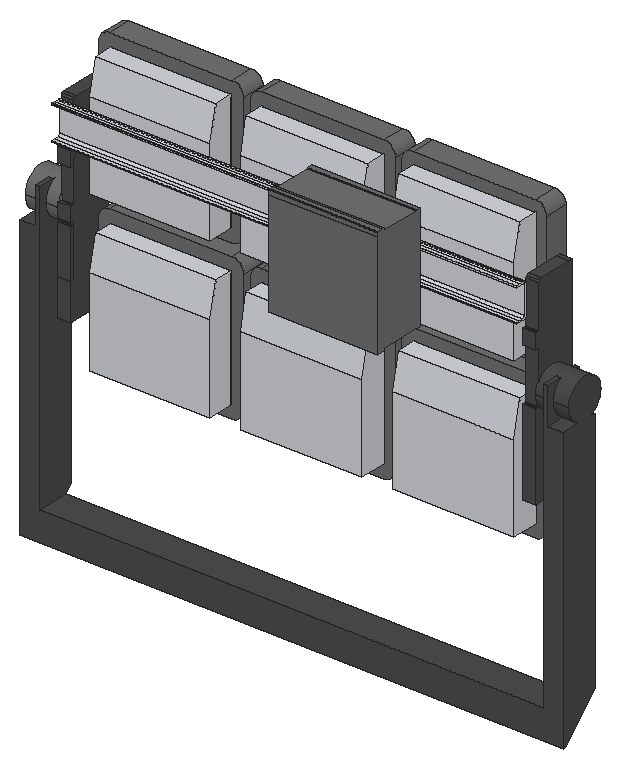
Revit family "Lighting-Floodlights-GEWISS-SMART[PRO]2.0-LED-HIGH-POWER_6MODULE_CLI", category Apparecchi per illuminazione, host Superficie, Revit 2019 (continued)
Definition of nested family "Frontale6 2D"
  Lines and regions (mm)
    model lines, in view "Livello rif."
      curve 837: line (418.862, 409.99, 0) -> (418.862, 407.193, 0)
      curve 838: line (418.862, 2.099, 0) -> (418.862, 444.587, 0)
      curve 839: line (418.862, 444.587, 0) -> (404.115, 459.76, 0)
      curve 840: line (404.115, 459.76, 0) -> (395.026, 459.76, 0)
      curve 841: line (395.026, 459.76, 0) -> (395.026, 489.919, 0)
      curve 842: line (395.026, 489.919, 0) -> (388.703, 489.919, 0)
      curve 843: line (100.604, 488.521, 0) -> (-80.963, 488.521, 0)
      curve 844: line (-80.963, 489.19, 0) -> (-80.963, 670.058, 0)
      curve 845: line (-80.963, 670.058, 0) -> (100.604, 670.058, 0)
      curve 846: line (100.604, 488.521, 0) -> (100.604, 670.058, 0)
      curve 847: line (100.604, 670.058, 0) -> (-80.963, 670.058, 0)
      curve 848: line (-80.963, 670.058, 0) -> (-80.963, 488.521, 0)
      curve 849: line (-99.9, 519.349, 0) -> (-99.9, 503.233, 0)
      curve 850: line (-99.9, 503.233, 0) -> (-99.9, 499.737, 0)
      curve 851: line (-99.9, 499.737, 0) -> (-99.9, 480.096, 0)
      curve 852: line (-99.9, 480.096, 0) -> (-99.9, 478.698, 0)
      curve 853: line (-99.9, 478.698, 0) -> (-99.206, 477.998, 0)
      curve 854: line (-99.206, 477.998, 0) -> (-99.206, 475.876, 0)
      curve 855: line (-99.206, 475.876, 0) -> (-98.477, 475.177, 0)
      curve 856: line (-97.807, 474.502, 0) -> (-97.079, 473.803, 0)
      curve 857: line (-97.079, 473.074, 0) -> (-95.68, 471.676, 0)
      curve 858: line (-94.976, 471.676, 0) -> (-94.282, 470.977, 0)
      curve 859: line (-94.282, 470.977, 0) -> (-93.578, 470.278, 0)
      curve 860: line (-93.578, 470.278, 0) -> (-90.781, 470.278, 0)
      curve 861: line (-90.781, 470.278, 0) -> (-90.082, 469.579, 0)
      curve 862: line (-89.383, 469.579, 0) -> (-69.741, 469.579, 0)
      curve 863: line (-69.741, 469.579, 0) -> (-66.25, 469.579, 0)
      curve 864: line (110.398, 469.579, 0) -> (111.092, 470.278, 0)
      curve 865: line (111.092, 470.278, 0) -> (113.219, 470.278, 0)
      curve 866: line (113.219, 470.278, 0) -> (113.923, 470.977, 0)
      curve 867: line (114.617, 470.977, 0) -> (115.321, 471.676, 0)
      curve 868: line (115.321, 471.676, 0) -> (116.72, 473.074, 0)
      curve 869: line (116.72, 473.074, 0) -> (117.414, 473.803, 0)
      curve 870: line (118.118, 475.177, 0) -> (118.817, 475.876, 0)
      curve 871: line (118.817, 475.876, 0) -> (118.817, 477.299, 0)
      curve 872: line (118.817, 477.299, 0) -> (119.517, 477.998, 0)
      curve 873: line (119.517, 477.998, 0) -> (119.517, 503.233, 0)
      curve 874: line (119.517, 541.787, 0) -> (119.517, 558.626, 0)
      curve 875: line (119.517, 558.626, 0) -> (119.517, 579.641, 0)
      curve 876: line (119.517, 636.403, 0) -> (119.517, 680.575, 0)
      curve 877: line (119.517, 680.575, 0) -> (118.817, 681.279, 0)
      curve 878: line (118.817, 681.279, 0) -> (118.817, 682.702, 0)
      curve 879: line (118.817, 682.702, 0) -> (118.118, 683.402, 0)
      curve 880: line (118.118, 684.101, 0) -> (117.414, 684.795, 0)
      curve 881: line (116.72, 685.499, 0) -> (113.923, 688.296, 0)
      curve 882: line (113.923, 688.296, 0) -> (112.525, 688.296, 0)
      curve 883: line (112.525, 688.296, 0) -> (111.821, 689, 0)
      curve 884: line (111.821, 689, 0) -> (89.383, 689, 0)
      curve 885: line (89.383, 689, 0) -> (-89.383, 689, 0)
      curve 886: line (-89.383, 689, 0) -> (-92.179, 689, 0)
      curve 887: line (-92.179, 689, 0) -> (-92.883, 688.296, 0)
      curve 888: line (-93.578, 688.296, 0) -> (-94.282, 687.602, 0)
      curve 889: line (-95.68, 686.898, 0) -> (-97.079, 685.499, 0)
      curve 890: line (-97.807, 684.795, 0) -> (-98.477, 684.101, 0)
      curve 891: line (-98.477, 683.402, 0) -> (-99.206, 682.702, 0)
      curve 892: line (-99.206, 682.702, 0) -> (-99.206, 680.575, 0)
      curve 893: line (-99.206, 680.575, 0) -> (-99.9, 679.871, 0)
      curve 894: line (-99.9, 679.177, 0) -> (-99.9, 658.841, 0)
      curve 895: line (329.115, 488.521, 0) -> (148.272, 488.521, 0)
      curve 896: line (148.272, 489.19, 0) -> (148.272, 670.088, 0)
      curve 897: line (148.272, 670.088, 0) -> (329.115, 670.088, 0)
      curve 898: line (329.115, 488.521, 0) -> (329.115, 670.088, 0)
      curve 899: line (329.115, 670.088, 0) -> (148.272, 670.088, 0)
      curve 900: line (148.272, 670.088, 0) -> (148.272, 488.521, 0)
      curve 901: line (129.335, 519.349, 0) -> (129.335, 503.233, 0)
      curve 902: line (129.335, 503.233, 0) -> (129.335, 499.737, 0)
      curve 903: line (129.335, 499.737, 0) -> (129.335, 480.096, 0)
      curve 904: line (129.335, 480.096, 0) -> (129.335, 476.575, 0)
      curve 905: line (129.335, 476.575, 0) -> (130.029, 475.876, 0)
      curve 906: line (130.029, 475.177, 0) -> (132.131, 473.074, 0)
      curve 907: line (132.131, 472.375, 0) -> (132.836, 471.676, 0)
      curve 908: line (133.53, 471.676, 0) -> (134.259, 470.977, 0)
      curve 909: line (134.928, 470.977, 0) -> (135.627, 470.278, 0)
      curve 910: line (135.627, 470.278, 0) -> (137.76, 470.278, 0)
      curve 911: line (137.76, 470.278, 0) -> (138.454, 469.579, 0)
      curve 912: line (139.158, 469.579, 0) -> (158.764, 469.579, 0)
      curve 913: line (158.764, 469.579, 0) -> (162.994, 469.579, 0)
      curve 914: line (338.938, 469.579, 0) -> (339.657, 470.278, 0)
      curve 915: line (339.657, 470.278, 0) -> (341.73, 470.278, 0)
      curve 916: line (341.73, 470.278, 0) -> (342.429, 470.977, 0)
      curve 917: line (343.158, 470.977, 0) -> (343.827, 471.676, 0)
      curve 918: line (344.556, 471.676, 0) -> (345.231, 472.375, 0)
      curve 919: line (345.231, 473.074, 0) -> (347.353, 475.177, 0)
      curve 920: line (347.353, 475.876, 0) -> (348.052, 476.575, 0)
      curve 921: line (348.052, 476.575, 0) -> (348.052, 499.737, 0)
      curve 922: line (348.052, 539.689, 0) -> (348.052, 558.626, 0)
      curve 923: line (348.052, 558.626, 0) -> (348.052, 579.641, 0)
      curve 924: line (348.052, 639.225, 0) -> (348.052, 681.974, 0)
      curve 925: line (348.052, 681.974, 0) -> (347.353, 682.702, 0)
      curve 926: line (347.353, 683.402, 0) -> (346.654, 684.101, 0)
      curve 927: line (346.654, 684.795, 0) -> (345.955, 685.499, 0)
      curve 928: line (345.231, 686.193, 0) -> (344.556, 686.898, 0)
      curve 929: line (343.827, 686.898, 0) -> (342.429, 688.296, 0)
      curve 930: line (342.429, 688.296, 0) -> (341.031, 688.296, 0)
      curve 931: line (341.031, 688.296, 0) -> (340.331, 689, 0)
      curve 932: line (340.331, 689, 0) -> (318.617, 689, 0)
      curve 933: line (318.617, 689, 0) -> (139.158, 689, 0)
      curve 934: line (139.158, 689, 0) -> (137.055, 689, 0)
      curve 935: line (137.055, 689, 0) -> (136.331, 688.296, 0)
      curve 936: line (135.627, 688.296, 0) -> (134.928, 687.602, 0)
      curve 937: line (134.259, 687.602, 0) -> (133.53, 686.898, 0)
      curve 938: line (132.836, 686.898, 0) -> (132.131, 686.193, 0)
      curve 939: line (131.437, 685.499, 0) -> (130.733, 684.795, 0)
      curve 940: line (130.733, 684.101, 0) -> (130.029, 683.402, 0)
      curve 941: line (130.029, 682.702, 0) -> (129.335, 681.974, 0)
      curve 942: line (129.335, 681.974, 0) -> (129.335, 679.177, 0)
      curve 943: line (129.335, 679.177, 0) -> (129.335, 658.841, 0)
      curve 944: line (-128.636, 429.507, 0) -> (-309.503, 429.507, 0)
      curve 945: line (-309.503, 428.807, 0) -> (-309.503, 247.94, 0)
      curve 946: line (-309.503, 247.94, 0) -> (-128.636, 247.94, 0)
      curve 947: line (-128.636, 247.94, 0) -> (-309.503, 247.94, 0)
      curve 948: line (-309.503, 247.94, 0) -> (-309.503, 429.507, 0)
      curve 949: line (119.517, 312.425, 0) -> (129.335, 312.425, 0)
      curve 950: line (-109.723, 312.425, 0) -> (-99.9, 312.425, 0)
      curve 951: line (119.517, 364.32, 0) -> (129.335, 364.32, 0)
      curve 952: line (-109.723, 364.32, 0) -> (-99.9, 364.32, 0)
      curve 953: line (-328.44, 278.071, 0) -> (-328.44, 262.655, 0)
      curve 954: line (-328.44, 262.655, 0) -> (-328.44, 259.158, 0)
      curve 955: line (-328.44, 259.158, 0) -> (-328.44, 238.82, 0)
      curve 956: line (-328.44, 238.82, 0) -> (-328.44, 236.721, 0)
      curve 957: line (-328.44, 236.721, 0) -> (-327.712, 236.021, 0)
      curve 958: line (-327.712, 236.021, 0) -> (-327.712, 234.623, 0)
      curve 959: line (-327.712, 234.623, 0) -> (-327.017, 233.923, 0)
      curve 960: line (-327.017, 233.224, 0) -> (-326.313, 232.524, 0)
      curve 961: line (-325.619, 232.524, 0) -> (-324.915, 231.825, 0)
      curve 962: line (-324.221, 231.125, 0) -> (-322.812, 229.727, 0)
      curve 963: line (-322.812, 229.727, 0) -> (-321.414, 229.727, 0)
      curve 964: line (-321.414, 229.727, 0) -> (-320.72, 229, 0)
      curve 965: line (-320.72, 229, 0) -> (-318.617, 229, 0)
      curve 966: line (-318.617, 229, 0) -> (-298.282, 229, 0)
      curve 967: line (-298.282, 229, 0) -> (-279.369, 229, 0)
      curve 968: line (-119.541, 229, 0) -> (-117.414, 229, 0)
      curve 969: line (-117.414, 229, 0) -> (-116.72, 229.727, 0)
      curve 970: line (-116.72, 229.727, 0) -> (-115.321, 229.727, 0)
      curve 971: line (-115.321, 229.727, 0) -> (-113.913, 231.125, 0)
      curve 972: line (-113.219, 231.125, 0) -> (-111.121, 233.224, 0)
      curve 973: line (-111.121, 233.923, 0) -> (-110.422, 234.623, 0)
      curve 974: line (-110.422, 235.322, 0) -> (-109.723, 236.021, 0)
      curve 975: line (-109.723, 236.021, 0) -> (-109.723, 259.158, 0)
      curve 976: line (-109.723, 298.409, 0) -> (-109.723, 317.348, 0)
      curve 977: line (-109.723, 317.348, 0) -> (-109.723, 338.386, 0)
      curve 978: line (-109.723, 440.024, 0) -> (-109.723, 441.422, 0)
      curve 979: line (-109.723, 441.422, 0) -> (-110.422, 442.121, 0)
      curve 980: line (-110.422, 442.821, 0) -> (-111.121, 443.52, 0)
      curve 981: line (-111.121, 443.52, 0) -> (-111.821, 444.219, 0)
      curve 982: line (-111.821, 444.918, 0) -> (-113.219, 446.346, 0)
      curve 983: line (-113.913, 446.346, 0) -> (-114.617, 447.021, 0)
      curve 984: line (-115.321, 447.021, 0) -> (-116.016, 447.745, 0)
      curve 985: line (-116.016, 447.745, 0) -> (-118.118, 447.745, 0)
      curve 986: line (-118.118, 447.745, 0) -> (-118.812, 448.444, 0)
      curve 987: line (-118.812, 448.444, 0) -> (-139.148, 448.444, 0)
      curve 988: line (-139.148, 448.444, 0) -> (-318.617, 448.444, 0)
      curve 989: line (-319.321, 448.444, 0) -> (-320.016, 447.745, 0)
      curve 990: line (-320.016, 447.745, 0) -> (-322.118, 447.745, 0)
      curve 991: line (-322.118, 447.745, 0) -> (-322.812, 447.021, 0)
      curve 992: line (-323.517, 447.021, 0) -> (-324.221, 446.346, 0)
      curve 993: line (-324.915, 446.346, 0) -> (-325.619, 445.617, 0)
      curve 994: line (-325.619, 444.918, 0) -> (-327.017, 443.52, 0)
      curve 995: line (-327.712, 442.821, 0) -> (-327.712, 441.422, 0)
      curve 996: line (-327.712, 441.422, 0) -> (-328.44, 440.723, 0)
      curve 997: line (-328.44, 440.723, 0) -> (-328.44, 437.897, 0)
      curve 998: line (-328.44, 437.897, 0) -> (-328.44, 418.285, 0)
      curve 999: line (-128.636, 247.94, 0) -> (-128.636, 429.507, 0)
      curve 1000: line (100.604, 429.507, 0) -> (-80.963, 429.507, 0)
      curve 1001: line (-80.963, 428.807, 0) -> (-80.963, 247.94, 0)
      curve 1002: line (-80.963, 247.94, 0) -> (100.604, 247.94, 0)
      curve 1003: line (100.604, 247.94, 0) -> (-80.963, 247.94, 0)
      curve 1004: line (-80.963, 247.94, 0) -> (-80.963, 429.507, 0)
      curve 1005: line (-99.9, 278.071, 0) -> (-99.9, 262.655, 0)
      curve 1006: line (-99.9, 262.655, 0) -> (-99.9, 259.158, 0)
      curve 1007: line (-99.9, 259.158, 0) -> (-99.9, 238.82, 0)
      curve 1008: line (-99.9, 238.12, 0) -> (-99.206, 237.421, 0)
      curve 1009: line (-99.206, 237.421, 0) -> (-99.206, 235.322, 0)
      curve 1010: line (-99.206, 235.322, 0) -> (-98.477, 234.623, 0)
      curve 1011: line (-98.477, 233.923, 0) -> (-97.807, 233.224, 0)
      curve 1012: line (-97.807, 233.224, 0) -> (-95.68, 231.125, 0)
      curve 1013: line (-94.976, 231.125, 0) -> (-94.282, 230.426, 0)
      curve 1014: line (-94.282, 229.727, 0) -> (-92.883, 229.727, 0)
      curve 1015: line (-92.883, 229.727, 0) -> (-92.179, 229, 0)
      curve 1016: line (-92.179, 229, 0) -> (-89.383, 229, 0)
      curve 1017: line (-89.383, 229, 0) -> (-69.741, 229, 0)
      curve 1018: line (-69.741, 229, 0) -> (-66.25, 229, 0)
      curve 1019: line (110.398, 229, 0) -> (111.821, 229, 0)
      curve 1020: line (111.821, 229, 0) -> (112.525, 229.727, 0)
      curve 1021: line (112.525, 229.727, 0) -> (113.923, 229.727, 0)
      curve 1022: line (113.923, 229.727, 0) -> (116.72, 232.524, 0)
      curve 1023: line (117.414, 233.224, 0) -> (118.118, 233.923, 0)
      curve 1024: line (118.118, 234.623, 0) -> (118.817, 235.322, 0)
      curve 1025: line (118.817, 235.322, 0) -> (118.817, 236.721, 0)
      curve 1026: line (118.817, 236.721, 0) -> (119.517, 237.421, 0)
      curve 1027: line (119.517, 237.421, 0) -> (119.517, 262.655, 0)
      curve 1028: line (119.517, 299.108, 0) -> (119.517, 317.348, 0)
      curve 1029: line (119.517, 317.348, 0) -> (119.517, 338.386, 0)
      curve 1030: line (119.517, 395.148, 0) -> (119.517, 440.024, 0)
      curve 1031: line (119.517, 440.024, 0) -> (118.817, 440.723, 0)
      curve 1032: line (118.817, 440.723, 0) -> (118.817, 442.121, 0)
      curve 1033: line (118.817, 442.121, 0) -> (118.118, 442.821, 0)
      curve 1034: line (117.414, 444.219, 0) -> (116.72, 444.918, 0)
      curve 1035: line (116.72, 444.918, 0) -> (114.617, 447.021, 0)
      curve 1036: line (113.923, 447.021, 0) -> (113.219, 447.745, 0)
      curve 1037: line (113.219, 447.745, 0) -> (111.092, 447.745, 0)
      curve 1038: line (111.092, 447.745, 0) -> (110.398, 448.444, 0)
      curve 1039: line (110.398, 448.444, 0) -> (89.383, 448.444, 0)
      curve 1040: line (89.383, 448.444, 0) -> (-89.383, 448.444, 0)
      curve 1041: line (-90.082, 448.444, 0) -> (-91.485, 447.745, 0)
      curve 1042: line (-91.485, 447.745, 0) -> (-93.578, 447.745, 0)
      curve 1043: line (-93.578, 447.745, 0) -> (-94.282, 447.021, 0)
      curve 1044: line (-95.68, 446.346, 0) -> (-97.807, 444.219, 0)
      curve 1045: line (-97.807, 443.52, 0) -> (-98.477, 442.821, 0)
      curve 1046: line (-98.477, 442.821, 0) -> (-99.206, 442.121, 0)
      curve 1047: line (-99.206, 442.121, 0) -> (-99.206, 439.325, 0)
      curve 1048: line (-99.206, 439.325, 0) -> (-99.9, 438.626, 0)
      curve 1049: line (-99.9, 437.897, 0) -> (-99.9, 418.285, 0)
      curve 1050: line (100.604, 247.94, 0) -> (100.604, 429.507, 0)
      curve 1051: line (329.115, 429.507, 0) -> (148.272, 429.507, 0)
      curve 1052: line (148.272, 428.807, 0) -> (148.272, 247.94, 0)
      curve 1053: line (148.272, 247.94, 0) -> (329.115, 247.94, 0)
      curve 1054: line (329.115, 247.94, 0) -> (148.272, 247.94, 0)
      curve 1055: line (148.272, 247.94, 0) -> (148.272, 429.507, 0)
      curve 1056: line (129.335, 278.071, 0) -> (129.335, 262.655, 0)
      curve 1057: line (129.335, 262.655, 0) -> (129.335, 259.158, 0)
      curve 1058: line (129.335, 259.158, 0) -> (129.335, 238.82, 0)
      curve 1059: line (129.335, 238.82, 0) -> (129.335, 236.021, 0)
      curve 1060: line (129.335, 236.021, 0) -> (130.029, 235.322, 0)
      curve 1061: line (130.029, 234.623, 0) -> (130.733, 233.923, 0)
      curve 1062: line (130.733, 233.224, 0) -> (131.437, 232.524, 0)
      curve 1063: line (132.131, 231.825, 0) -> (132.836, 231.125, 0)
      curve 1064: line (133.53, 231.125, 0) -> (134.259, 230.426, 0)
      curve 1065: line (134.259, 230.426, 0) -> (134.928, 229.727, 0)
      curve 1066: line (134.928, 229.727, 0) -> (136.331, 229.727, 0)
      curve 1067: line (136.331, 229.727, 0) -> (137.055, 229, 0)
      curve 1068: line (137.055, 229, 0) -> (139.158, 229, 0)
      curve 1069: line (139.158, 229, 0) -> (158.764, 229, 0)
      curve 1070: line (158.764, 229, 0) -> (162.26, 229, 0)
      curve 1071: line (338.234, 229, 0) -> (340.331, 229, 0)
      curve 1072: line (340.331, 229, 0) -> (341.031, 229.727, 0)
      curve 1073: line (341.031, 229.727, 0) -> (342.429, 229.727, 0)
      curve 1074: line (342.429, 229.727, 0) -> (343.827, 231.125, 0)
      curve 1075: line (344.556, 231.125, 0) -> (345.231, 231.825, 0)
      curve 1076: line (345.955, 232.524, 0) -> (346.654, 233.224, 0)
      curve 1077: line (346.654, 233.923, 0) -> (347.353, 234.623, 0)
      curve 1078: line (347.353, 235.322, 0) -> (348.052, 236.021, 0)
      curve 1079: line (348.052, 236.021, 0) -> (348.052, 259.158, 0)
      curve 1080: line (348.052, 299.108, 0) -> (348.052, 317.348, 0)
      curve 1081: line (348.052, 317.348, 0) -> (348.052, 338.386, 0)
      curve 1082: line (348.052, 440.024, 0) -> (348.052, 441.422, 0)
      curve 1083: line (348.052, 441.422, 0) -> (347.353, 442.121, 0)
      curve 1084: line (347.353, 442.821, 0) -> (346.654, 443.52, 0)
      curve 1085: line (346.654, 443.52, 0) -> (345.231, 444.918, 0)
      curve 1086: line (345.231, 445.617, 0) -> (344.556, 446.346, 0)
      curve 1087: line (343.827, 446.346, 0) -> (343.158, 447.021, 0)
      curve 1088: line (342.429, 447.021, 0) -> (341.73, 447.745, 0)
      curve 1089: line (341.73, 447.745, 0) -> (339.657, 447.745, 0)
      curve 1090: line (339.657, 447.745, 0) -> (338.938, 448.444, 0)
      curve 1091: line (338.938, 448.444, 0) -> (318.617, 448.444, 0)
      curve 1092: line (318.617, 448.444, 0) -> (139.158, 448.444, 0)
      curve 1093: line (138.454, 448.444, 0) -> (137.76, 447.745, 0)
      curve 1094: line (137.76, 447.745, 0) -> (135.627, 447.745, 0)
      curve 1095: line (135.627, 447.745, 0) -> (134.928, 447.021, 0)
      curve 1096: line (134.259, 447.021, 0) -> (133.53, 446.346, 0)
      curve 1097: line (132.836, 446.346, 0) -> (132.131, 445.617, 0)
      curve 1098: line (132.131, 444.918, 0) -> (130.733, 443.52, 0)
      curve 1099: line (130.029, 442.121, 0) -> (129.335, 441.422, 0)
      curve 1100: line (129.335, 441.422, 0) -> (129.335, 437.897, 0)
      curve 1101: line (129.335, 437.897, 0) -> (129.335, 418.285, 0)
      curve 1102: line (329.115, 247.94, 0) -> (329.115, 429.507, 0)
      curve 1103: line (-369.087, 51.169, 0) -> (388.351, 51.169, 0)
    detail lines, in view "Livello rif.", not visible
      curve 4: line (70.78, 658.841, 0) -> (70.78, 519.349, 0)
      curve 5: line (119.851, 469.579, 0) -> (279.679, 469.579, 0)
      curve 6: line (289.498, 499.737, 0) -> (289.498, 539.689, 0)
      curve 7: line (289.498, 579.641, 0) -> (289.498, 679.871, 0)
      curve 8: line (299.321, 658.841, 0) -> (299.321, 519.349, 0)
      curve 9: line (332.97, 469.579, 0) -> (509.618, 469.579, 0)
      curve 10: line (518.737, 503.233, 0) -> (518.737, 541.787, 0)
      curve 11: line (518.737, 579.641, 0) -> (518.737, 636.403, 0)
      curve 12: line (528.555, 658.841, 0) -> (528.555, 519.349, 0)
      curve 13: line (562.215, 469.579, 0) -> (737.455, 469.579, 0)
      curve 14: line (747.273, 499.737, 0) -> (747.273, 539.689, 0)
      curve 15: line (747.273, 579.641, 0) -> (747.273, 639.225, 0)
      curve 16: line (70.78, 418.285, 0) -> (70.78, 278.071, 0)
      curve 17: line (119.851, 229, 0) -> (279.679, 229, 0)
      curve 18: line (289.498, 259.158, 0) -> (289.498, 298.409, 0)
      curve 19: line (289.498, 338.386, 0) -> (289.498, 440.024, 0)
      curve 20: line (299.321, 418.285, 0) -> (299.321, 278.071, 0)
      curve 21: line (332.97, 229, 0) -> (509.618, 229, 0)
      curve 22: line (518.737, 262.655, 0) -> (518.737, 299.108, 0)
      curve 23: line (518.737, 338.386, 0) -> (518.737, 395.148, 0)
      curve 24: line (528.555, 418.285, 0) -> (528.555, 278.071, 0)
      curve 25: line (561.481, 229, 0) -> (737.455, 229, 0)
      curve 26: line (747.273, 259.158, 0) -> (747.273, 299.108, 0)
      curve 27: line (747.273, 338.386, 0) -> (747.273, 440.024, 0)
      curve 28: line (270.585, 489.19, 0) -> (270.585, 488.521, 0)
      curve 29: line (270.585, 488.521, 0) -> (89.717, 488.521, 0)
      curve 30: line (89.717, 488.521, 0) -> (89.717, 489.19, 0)
      curve 31: line (89.717, 489.19, 0) -> (89.717, 670.088, 0)
      curve 32: line (89.717, 670.088, 0) -> (270.585, 670.088, 0)
      curve 33: line (270.585, 670.088, 0) -> (271.284, 670.088, 0)
      curve 34: line (270.585, 488.521, 0) -> (270.585, 670.088, 0)
      curve 35: line (270.585, 670.088, 0) -> (89.717, 670.088, 0)
      curve 36: line (89.717, 670.088, 0) -> (89.717, 488.521, 0)
      curve 37: line (70.78, 314.648, 0) -> (60.987, 314.648, 0)
      curve 38: line (60.987, 314.648, 0) -> (60.987, 318.844, 0)
      curve 39: line (60.987, 318.844, 0) -> (60.987, 320.97, 0)
      curve 40: line (60.987, 320.97, 0) -> (58.165, 320.97, 0)
      curve 41: line (70.78, 366.542, 0) -> (60.987, 366.542, 0)
      curve 42: line (60.987, 366.542, 0) -> (60.987, 362.347, 0)
      curve 43: line (60.987, 362.347, 0) -> (60.987, 360.919, 0)
      curve 44: line (60.987, 360.919, 0) -> (58.165, 360.919, 0)
      curve 45: line (518.737, 553.702, 0) -> (528.555, 553.702, 0)
      curve 46: line (289.498, 553.702, 0) -> (299.321, 553.702, 0)
      curve 47: line (70.78, 553.702, 0) -> (60.987, 553.702, 0)
      curve 48: line (60.987, 553.702, 0) -> (60.987, 557.203, 0)
      curve 49: line (60.987, 557.203, 0) -> (60.987, 559.331, 0)
      curve 50: line (60.987, 559.331, 0) -> (58.165, 559.331, 0)
      curve 51: line (518.737, 604.871, 0) -> (528.555, 604.871, 0)
      curve 52: line (289.498, 604.871, 0) -> (299.321, 604.871, 0)
      curve 53: line (70.78, 604.871, 0) -> (60.987, 604.871, 0)
      curve 54: line (60.987, 604.871, 0) -> (60.987, 601.375, 0)
      curve 55: line (60.987, 601.375, 0) -> (60.987, 599.273, 0)
      curve 56: line (60.987, 599.273, 0) -> (58.165, 599.273, 0)
      curve 57: line (58.165, 330.789, 0) -> (63.089, 330.789, 0)
      curve 58: line (63.089, 330.789, 0) -> (63.089, 335.684, 0)
      curve 59: line (52.572, 609.066, 0) -> (47.673, 609.066, 0)
      curve 60: line (47.673, 609.066, 0) -> (47.673, 311.15, 0)
      curve 61: line (47.673, 311.15, 0) -> (52.572, 311.15, 0)
      curve 62: line (52.572, 311.15, 0) -> (55.369, 311.15, 0)
      curve 63: line (55.369, 311.15, 0) -> (55.369, 311.849, 0)
      curve 64: line (55.369, 311.849, 0) -> (56.063, 312.549, 0)
      curve 65: line (56.063, 312.549, 0) -> (56.767, 312.549, 0)
      curve 66: line (56.767, 312.549, 0) -> (57.466, 313.249, 0)
      curve 67: line (57.466, 313.249, 0) -> (57.466, 314.648, 0)
      curve 68: line (57.466, 314.648, 0) -> (58.165, 315.347, 0)
      curve 69: line (58.165, 315.347, 0) -> (58.165, 316.073, 0)
      curve 70: line (58.165, 316.073, 0) -> (58.165, 604.172, 0)
      curve 71: line (58.165, 604.172, 0) -> (58.165, 604.871, 0)
      curve 72: line (58.165, 604.871, 0) -> (57.466, 605.57, 0)
      curve 73: line (57.466, 605.57, 0) -> (57.466, 606.269, 0)
      curve 74: line (57.466, 606.269, 0) -> (56.767, 606.974, 0)
      curve 75: line (56.767, 606.974, 0) -> (56.767, 607.668, 0)
      curve 76: line (56.767, 607.668, 0) -> (56.063, 608.372, 0)
      curve 77: line (56.063, 608.372, 0) -> (55.369, 608.372, 0)
      curve 78: line (55.369, 608.372, 0) -> (54.664, 609.066, 0)
      curve 79: line (54.664, 609.066, 0) -> (52.572, 609.066, 0)
      curve 80: line (58.165, 380.56, 0) -> (58.894, 380.56, 0)
      curve 81: line (58.894, 380.56, 0) -> (60.293, 380.56, 0)
      curve 82: line (60.293, 380.56, 0) -> (60.957, 381.26, 0)
      curve 83: line (60.957, 381.26, 0) -> (61.691, 381.26, 0)
      curve 84: line (61.691, 381.26, 0) -> (63.788, 383.357, 0)
      curve 85: line (63.788, 383.357, 0) -> (63.788, 385.455, 0)
      curve 86: line (63.788, 385.455, 0) -> (63.788, 534.765, 0)
      curve 87: line (63.788, 534.765, 0) -> (63.788, 536.188, 0)
      curve 88: line (63.788, 536.188, 0) -> (63.089, 536.893, 0)
      curve 89: line (63.089, 536.893, 0) -> (63.089, 537.557, 0)
      curve 90: line (63.089, 537.557, 0) -> (62.385, 538.261, 0)
      curve 91: line (62.385, 538.261, 0) -> (61.691, 538.261, 0)
      curve 92: line (61.691, 538.261, 0) -> (61.691, 538.985, 0)
      curve 93: line (61.691, 538.985, 0) -> (60.957, 538.985, 0)
      curve 94: line (60.957, 538.985, 0) -> (60.293, 539.689, 0)
      curve 95: line (60.293, 539.689, 0) -> (58.894, 539.689, 0)
      curve 96: line (58.894, 539.689, 0) -> (58.165, 539.689, 0)
      curve 97: line (58.165, 470.977, 0) -> (63.089, 470.977, 0)
      curve 98: line (63.089, 470.977, 0) -> (63.089, 465.383, 0)
      curve 99: line (63.089, 465.383, 0) -> (63.089, 454.866, 0)
      curve 100: line (63.089, 454.866, 0) -> (63.089, 449.243, 0)
      curve 101: line (63.089, 449.243, 0) -> (58.165, 449.243, 0)
      curve 102: line (47.673, 421.906, 0) -> (47.673, 417.711, 0)
      curve 103: line (47.673, 417.711, 0) -> (47.673, 502.534, 0)
      curve 104: line (47.673, 502.534, 0) -> (39.952, 502.534, 0)
      curve 105: line (39.952, 502.534, 0) -> (31.532, 502.534, 0)
      curve 106: line (31.532, 502.534, 0) -> (30.828, 501.81, 0)
      curve 107: line (30.828, 501.81, 0) -> (30.828, 418.41, 0)
      curve 108: line (30.828, 418.41, 0) -> (31.532, 417.711, 0)
      curve 109: line (31.532, 417.711, 0) -> (47.673, 417.711, 0)
      curve 110: line (30.828, 490.618, 0) -> (30.134, 489.919, 0)
      curve 111: line (30.134, 489.919, 0) -> (30.134, 429.626, 0)
      curve 112: line (30.134, 429.626, 0) -> (30.134, 0, 0)
      curve 113: line (0, 137.391, 0) -> (0, 389.066, 0)
      curve 114: line (0, 409.99, 0) -> (0, 407.193, 0)
      curve 115: line (818.083, 389.066, 0) -> (818.083, 0, 0)
      curve 116: line (818.083, 0, 0) -> (787.924, 0, 0)
      curve 117: line (787.924, 0, 0) -> (0, 0, 0)
      curve 118: line (0, 0, 0) -> (0, 444.532, 0)
      curve 119: line (0, 444.532, 0) -> (15.417, 459.76, 0)
      curve 120: line (15.417, 459.76, 0) -> (23.836, 459.76, 0)
      curve 121: line (23.836, 459.76, 0) -> (23.836, 489.919, 0)
      curve 122: line (23.836, 489.919, 0) -> (30.134, 489.919, 0)
      curve 123: line (787.924, 73.014, 0) -> (30.134, 73.014, 0)
      curve 124: line (70.78, 519.349, 0) -> (70.78, 503.233, 0)
      curve 125: line (70.78, 503.233, 0) -> (70.78, 499.737, 0)
      curve 126: line (70.78, 499.737, 0) -> (70.78, 480.096, 0)
      curve 127: line (70.78, 480.096, 0) -> (70.78, 477.299, 0)
      curve 128: line (70.78, 477.299, 0) -> (71.509, 476.575, 0)
      curve 129: line (71.509, 476.575, 0) -> (71.509, 475.177, 0)
      curve 130: line (71.509, 475.177, 0) -> (74.306, 472.375, 0)
      curve 131: line (74.306, 472.375, 0) -> (74.306, 471.676, 0)
      curve 132: line (74.306, 471.676, 0) -> (75, 471.676, 0)
      curve 133: line (75, 471.676, 0) -> (75.704, 470.977, 0)
      curve 134: line (75.704, 470.977, 0) -> (76.408, 470.977, 0)
      curve 135: line (76.408, 470.977, 0) -> (77.102, 470.278, 0)
      curve 136: line (77.102, 470.278, 0) -> (79.205, 470.278, 0)
      curve 137: line (79.205, 470.278, 0) -> (79.899, 469.579, 0)
      curve 138: line (79.899, 469.579, 0) -> (80.603, 469.579, 0)
      curve 139: line (80.603, 469.579, 0) -> (100.939, 469.579, 0)
      curve 140: line (100.939, 469.579, 0) -> (119.851, 469.579, 0)
      curve 141: line (279.679, 469.579, 0) -> (280.408, 469.579, 0)
      curve 142: line (280.408, 469.579, 0) -> (281.102, 470.278, 0)
      curve 143: line (281.102, 470.278, 0) -> (283.205, 470.278, 0)
      curve 144: line (283.205, 470.278, 0) -> (283.899, 470.977, 0)
      curve 145: line (283.899, 470.977, 0) -> (284.603, 470.977, 0)
      curve 146: line (284.603, 470.977, 0) -> (285.307, 471.676, 0)
      curve 147: line (285.307, 471.676, 0) -> (286.002, 471.676, 0)
      curve 148: line (286.002, 471.676, 0) -> (287.4, 473.074, 0)
      curve 149: line (287.4, 473.074, 0) -> (287.4, 473.803, 0)
      curve 150: line (287.4, 473.803, 0) -> (288.798, 475.177, 0)
      curve 151: line (288.798, 475.177, 0) -> (288.798, 475.876, 0)
      curve 152: line (288.798, 475.876, 0) -> (289.498, 476.575, 0)
      curve 153: line (289.498, 476.575, 0) -> (289.498, 499.737, 0)
      curve 154: line (289.498, 539.689, 0) -> (289.498, 558.626, 0)
      curve 155: line (289.498, 558.626, 0) -> (289.498, 579.641, 0)
      curve 156: line (289.498, 561.393, 0) -> (290.202, 561.393, 0)
      curve 157: line (289.498, 679.871, 0) -> (289.498, 681.974, 0)
      curve 158: line (289.498, 681.974, 0) -> (288.798, 682.702, 0)
      curve 159: line (288.798, 682.702, 0) -> (288.798, 683.402, 0)
      curve 160: line (288.798, 683.402, 0) -> (288.099, 684.101, 0)
      curve 161: line (288.099, 684.101, 0) -> (288.099, 684.795, 0)
      curve 162: line (288.099, 684.795, 0) -> (286.002, 686.898, 0)
      curve 163: line (286.002, 686.898, 0) -> (285.307, 686.898, 0)
      curve 164: line (285.307, 686.898, 0) -> (283.899, 688.296, 0)
      curve 165: line (283.899, 688.296, 0) -> (282.501, 688.296, 0)
      curve 166: line (282.501, 688.296, 0) -> (281.807, 689, 0)
      curve 167: line (281.807, 689, 0) -> (260.073, 689, 0)
      curve 168: line (260.073, 689, 0) -> (80.603, 689, 0)
      curve 169: line (80.603, 689, 0) -> (78.501, 689, 0)
      curve 170: line (78.501, 689, 0) -> (77.807, 688.296, 0)
      curve 171: line (77.807, 688.296, 0) -> (77.102, 688.296, 0)
      curve 172: line (77.102, 688.296, 0) -> (76.408, 687.602, 0)
      curve 173: line (76.408, 687.602, 0) -> (75.704, 687.602, 0)
      curve 174: line (75.704, 687.602, 0) -> (75, 686.898, 0)
      curve 175: line (75, 686.898, 0) -> (74.306, 686.898, 0)
      curve 176: line (74.306, 686.898, 0) -> (73.602, 686.193, 0)
      curve 177: line (73.602, 686.193, 0) -> (73.602, 685.499, 0)
      curve 178: line (73.602, 685.499, 0) -> (72.907, 685.499, 0)
      curve 179: line (72.907, 685.499, 0) -> (72.203, 684.795, 0)
      curve 180: line (72.203, 684.795, 0) -> (72.203, 684.101, 0)
      curve 181: line (72.203, 684.101, 0) -> (71.509, 683.402, 0)
      curve 182: line (71.509, 683.402, 0) -> (71.509, 681.974, 0)
      curve 183: line (71.509, 681.974, 0) -> (70.78, 681.279, 0)
      curve 184: line (70.78, 681.279, 0) -> (70.78, 679.177, 0)
      curve 185: line (70.78, 679.177, 0) -> (70.78, 658.841, 0)
      curve 186: line (63.089, 345.502, 0) -> (65.187, 345.502, 0)
      curve 187: line (65.187, 345.502, 0) -> (65.187, 335.684, 0)
      curve 188: line (65.187, 335.684, 0) -> (63.089, 335.684, 0)
      curve 189: line (63.089, 335.684, 0) -> (63.089, 350.402, 0)
      curve 190: line (63.089, 350.402, 0) -> (58.165, 350.402, 0)
      curve 191: line (47.673, 348.304, 0) -> (39.253, 348.304, 0)
      curve 192: line (39.253, 348.304, 0) -> (39.253, 332.888, 0)
      curve 193: line (39.253, 332.888, 0) -> (47.673, 332.888, 0)
      curve 194: line (47.673, 345.502, 0) -> (43.448, 345.502, 0)
      curve 195: line (43.448, 345.502, 0) -> (42.749, 345.502, 0)
      curve 196: line (42.749, 345.502, 0) -> (42.749, 344.803, 0)
      curve 197: line (42.749, 344.803, 0) -> (42.749, 336.383, 0)
      curve 198: line (42.749, 336.383, 0) -> (43.448, 335.684, 0)
      curve 199: line (43.448, 335.684, 0) -> (47.673, 335.684, 0)
      curve 200: line (747.273, 314.648, 0) -> (757.066, 314.648, 0)
      curve 201: line (757.066, 314.648, 0) -> (757.066, 318.844, 0)
      curve 202: line (757.066, 318.844, 0) -> (757.066, 320.97, 0)
      curve 203: line (757.066, 320.97, 0) -> (760.587, 320.97, 0)
      curve 204: line (760.587, 360.919, 0) -> (757.066, 360.919, 0)
      curve 205: line (757.066, 360.919, 0) -> (757.066, 362.347, 0)
      curve 206: line (757.066, 362.347, 0) -> (757.066, 366.542, 0)
      curve 207: line (757.066, 366.542, 0) -> (747.273, 366.542, 0)
      curve 208: line (747.273, 553.702, 0) -> (757.066, 553.702, 0)
      curve 209: line (757.066, 553.702, 0) -> (757.066, 557.203, 0)
      curve 210: line (757.066, 557.203, 0) -> (757.066, 559.331, 0)
      curve 211: line (757.066, 559.331, 0) -> (760.587, 559.331, 0)
      curve 212: line (747.273, 604.871, 0) -> (757.066, 604.871, 0)
      curve 213: line (757.066, 604.871, 0) -> (757.066, 601.375, 0)
      curve 214: line (757.066, 601.375, 0) -> (757.066, 599.273, 0)
      curve 215: line (757.066, 599.273, 0) -> (760.587, 599.273, 0)
      curve 216: line (760.587, 330.789, 0) -> (754.993, 330.789, 0)
      curve 217: line (754.993, 330.789, 0) -> (754.993, 335.684, 0)
      curve 218: line (765.511, 609.066, 0) -> (770.41, 609.066, 0)
      curve 219: line (770.41, 609.066, 0) -> (770.41, 311.15, 0)
      curve 220: line (770.41, 311.15, 0) -> (765.511, 311.15, 0)
      curve 221: line (765.511, 311.15, 0) -> (763.388, 311.15, 0)
      curve 222: line (763.388, 311.15, 0) -> (761.985, 312.549, 0)
      curve 223: line (761.985, 312.549, 0) -> (761.291, 312.549, 0)
      curve 224: line (761.291, 312.549, 0) -> (761.291, 313.249, 0)
      curve 225: line (761.291, 313.249, 0) -> (760.587, 313.947, 0)
      curve 226: line (760.587, 313.947, 0) -> (760.587, 316.073, 0)
      curve 227: line (760.587, 316.073, 0) -> (760.587, 604.172, 0)
      curve 228: line (760.587, 604.172, 0) -> (760.587, 606.269, 0)
      curve 229: line (760.587, 606.269, 0) -> (761.291, 606.974, 0)
      curve 230: line (761.291, 606.974, 0) -> (761.291, 607.668, 0)
      curve 231: line (761.291, 607.668, 0) -> (761.985, 608.372, 0)
      curve 232: line (761.985, 608.372, 0) -> (762.689, 608.372, 0)
      curve 233: line (762.689, 608.372, 0) -> (763.388, 609.066, 0)
      curve 234: line (763.388, 609.066, 0) -> (765.511, 609.066, 0)
      curve 235: line (760.587, 380.56, 0) -> (759.188, 380.56, 0)
      curve 236: line (759.188, 380.56, 0) -> (757.79, 380.56, 0)
      curve 237: line (757.79, 380.56, 0) -> (757.066, 381.26, 0)
      curve 238: line (757.066, 381.26, 0) -> (756.392, 381.26, 0)
      curve 239: line (756.392, 381.26, 0) -> (755.663, 381.959, 0)
      curve 240: line (755.663, 381.959, 0) -> (755.663, 382.658, 0)
      curve 241: line (755.663, 382.658, 0) -> (754.993, 382.658, 0)
      curve 242: line (754.993, 382.658, 0) -> (754.993, 383.357, 0)
      curve 243: line (754.993, 383.357, 0) -> (754.264, 384.056, 0)
      curve 244: line (754.264, 384.056, 0) -> (754.264, 385.455, 0)
      curve 245: line (754.264, 385.455, 0) -> (754.264, 534.765, 0)
      curve 246: line (754.264, 534.765, 0) -> (754.264, 536.188, 0)
      curve 247: line (754.264, 536.188, 0) -> (754.993, 536.893, 0)
      curve 248: line (754.993, 536.893, 0) -> (754.993, 537.557, 0)
      curve 249: line (754.993, 537.557, 0) -> (755.663, 538.261, 0)
      curve 250: line (755.663, 538.261, 0) -> (756.392, 538.261, 0)
      curve 251: line (756.392, 538.261, 0) -> (757.066, 538.985, 0)
      curve 252: line (757.066, 538.985, 0) -> (757.79, 538.985, 0)
      curve 253: line (757.79, 538.985, 0) -> (758.494, 539.689, 0)
      curve 254: line (758.494, 539.689, 0) -> (759.188, 539.689, 0)
      curve 255: line (759.188, 539.689, 0) -> (760.587, 539.689, 0)
      curve 256: line (760.587, 470.977, 0) -> (754.993, 470.977, 0)
      curve 257: line (754.993, 470.977, 0) -> (754.993, 465.383, 0)
      curve 258: line (754.993, 465.383, 0) -> (754.993, 454.866, 0)
      curve 259: line (754.993, 454.866, 0) -> (754.993, 449.243, 0)
      curve 260: line (754.993, 449.243, 0) -> (760.587, 449.243, 0)
      curve 261: line (770.41, 421.906, 0) -> (770.41, 417.711, 0)
      curve 262: line (770.41, 417.711, 0) -> (770.41, 502.534, 0)
      curve 263: line (770.41, 502.534, 0) -> (778.101, 502.534, 0)
      curve 264: line (778.101, 502.534, 0) -> (786.526, 502.534, 0)
      curve 265: line (786.526, 502.534, 0) -> (787.225, 501.81, 0)
      curve 266: line (787.225, 501.81, 0) -> (787.225, 418.41, 0)
      curve 267: line (787.225, 418.41, 0) -> (786.526, 417.711, 0)
      curve 268: line (786.526, 417.711, 0) -> (770.41, 417.711, 0)
      curve 269: line (787.225, 490.618, 0) -> (787.924, 490.618, 0)
      curve 270: line (787.924, 490.618, 0) -> (787.924, 489.919, 0)
      curve 271: line (787.924, 489.919, 0) -> (787.924, 429.626, 0)
      curve 272: line (787.924, 429.626, 0) -> (787.924, 0, 0)
      curve 273: line (818.083, 409.99, 0) -> (818.083, 407.193, 0)
      curve 274: line (818.083, 2.099, 0) -> (818.083, 444.587, 0)
      curve 275: line (818.083, 444.587, 0) -> (803.336, 459.76, 0)
      curve 276: line (803.336, 459.76, 0) -> (794.246, 459.76, 0)
      curve 277: line (794.246, 459.76, 0) -> (794.246, 489.919, 0)
      curve 278: line (794.246, 489.919, 0) -> (787.924, 489.919, 0)
      curve 279: line (754.993, 345.502, 0) -> (753.57, 345.502, 0)
      curve 280: line (753.57, 345.502, 0) -> (753.57, 335.684, 0)
      curve 281: line (753.57, 335.684, 0) -> (754.993, 335.684, 0)
      curve 282: line (754.993, 335.684, 0) -> (754.993, 350.402, 0)
      curve 283: line (754.993, 350.402, 0) -> (760.587, 350.402, 0)
      curve 284: line (770.41, 348.304, 0) -> (779.499, 348.304, 0)
      curve 285: line (779.499, 348.304, 0) -> (779.499, 332.888, 0)
      curve 286: line (779.499, 332.888, 0) -> (778.805, 332.888, 0)
      curve 287: line (778.805, 332.888, 0) -> (770.41, 332.888, 0)
      curve 288: line (770.41, 345.502, 0) -> (774.6, 345.502, 0)
      curve 289: line (774.6, 345.502, 0) -> (775.304, 345.502, 0)
      curve 290: line (775.304, 345.502, 0) -> (775.304, 344.803, 0)
      curve 291: line (775.304, 344.803, 0) -> (775.304, 336.383, 0)
      curve 292: line (775.304, 336.383, 0) -> (774.6, 335.684, 0)
      curve 293: line (774.6, 335.684, 0) -> (770.41, 335.684, 0)
      curve 294: line (499.825, 489.19, 0) -> (499.825, 488.521, 0)
      curve 295: line (499.825, 488.521, 0) -> (318.258, 488.521, 0)
      curve 296: line (318.258, 488.521, 0) -> (318.258, 489.19, 0)
      curve 297: line (318.258, 489.19, 0) -> (318.258, 670.058, 0)
      curve 298: line (318.258, 670.058, 0) -> (499.825, 670.058, 0)
      curve 299: line (499.825, 670.058, 0) -> (500.524, 670.058, 0)
      curve 300: line (499.825, 488.521, 0) -> (499.825, 670.058, 0)
      curve 301: line (499.825, 670.058, 0) -> (318.258, 670.058, 0)
      curve 302: line (318.258, 670.058, 0) -> (318.258, 488.521, 0)
      curve 303: line (299.321, 519.349, 0) -> (299.321, 503.233, 0)
      curve 304: line (299.321, 503.233, 0) -> (299.321, 499.737, 0)
      curve 305: line (299.321, 499.737, 0) -> (299.321, 480.096, 0)
      curve 306: line (299.321, 480.096, 0) -> (299.321, 478.698, 0)
      curve 307: line (299.321, 478.698, 0) -> (300.015, 477.998, 0)
      curve 308: line (300.015, 477.998, 0) -> (300.015, 475.876, 0)
      curve 309: line (300.015, 475.876, 0) -> (300.744, 475.177, 0)
      curve 310: line (300.744, 475.177, 0) -> (300.744, 474.502, 0)
      curve 311: line (300.744, 474.502, 0) -> (301.413, 474.502, 0)
      curve 312: line (301.413, 474.502, 0) -> (302.142, 473.803, 0)
      curve 313: line (302.142, 473.803, 0) -> (302.142, 473.074, 0)
      curve 314: line (302.142, 473.074, 0) -> (303.54, 471.676, 0)
      curve 315: line (303.54, 471.676, 0) -> (304.245, 471.676, 0)
      curve 316: line (304.245, 471.676, 0) -> (304.939, 470.977, 0)
      curve 317: line (304.939, 470.977, 0) -> (305.643, 470.278, 0)
      curve 318: line (305.643, 470.278, 0) -> (308.44, 470.278, 0)
      curve 319: line (308.44, 470.278, 0) -> (309.139, 469.579, 0)
      curve 320: line (309.139, 469.579, 0) -> (309.838, 469.579, 0)
      curve 321: line (309.838, 469.579, 0) -> (329.479, 469.579, 0)
      curve 322: line (329.479, 469.579, 0) -> (332.97, 469.579, 0)
      curve 323: line (509.618, 469.579, 0) -> (510.312, 470.278, 0)
      curve 324: line (510.312, 470.278, 0) -> (512.44, 470.278, 0)
      curve 325: line (512.44, 470.278, 0) -> (513.144, 470.977, 0)
      curve 326: line (513.144, 470.977, 0) -> (513.838, 470.977, 0)
      curve 327: line (513.838, 470.977, 0) -> (514.542, 471.676, 0)
      curve 328: line (514.542, 471.676, 0) -> (515.94, 473.074, 0)
      curve 329: line (515.94, 473.074, 0) -> (516.635, 473.803, 0)
      curve 330: line (516.635, 473.803, 0) -> (516.635, 474.502, 0)
      curve 331: line (516.635, 474.502, 0) -> (517.339, 474.502, 0)
      curve 332: line (517.339, 474.502, 0) -> (517.339, 475.177, 0)
      curve 333: line (517.339, 475.177, 0) -> (518.038, 475.876, 0)
      curve 334: line (518.038, 475.876, 0) -> (518.038, 477.299, 0)
      curve 335: line (518.038, 477.299, 0) -> (518.737, 477.998, 0)
      curve 336: line (518.737, 477.998, 0) -> (518.737, 503.233, 0)
      curve 337: line (518.737, 541.787, 0) -> (518.737, 558.626, 0)
      curve 338: line (518.737, 558.626, 0) -> (518.737, 579.641, 0)
      curve 339: line (518.737, 561.393, 0) -> (519.436, 561.393, 0)
      curve 340: line (518.737, 636.403, 0) -> (518.737, 680.575, 0)
      curve 341: line (518.737, 680.575, 0) -> (518.038, 681.279, 0)
      curve 342: line (518.038, 681.279, 0) -> (518.038, 682.702, 0)
      curve 343: line (518.038, 682.702, 0) -> (517.339, 683.402, 0)
      curve 344: line (517.339, 683.402, 0) -> (517.339, 684.101, 0)
      curve 345: line (517.339, 684.101, 0) -> (516.635, 684.795, 0)
      curve 346: line (516.635, 684.795, 0) -> (516.635, 685.499, 0)
      curve 347: line (516.635, 685.499, 0) -> (515.94, 685.499, 0)
      curve 348: line (515.94, 685.499, 0) -> (513.144, 688.296, 0)
      curve 349: line (513.144, 688.296, 0) -> (511.745, 688.296, 0)
      curve 350: line (511.745, 688.296, 0) -> (511.041, 689, 0)
      curve 351: line (511.041, 689, 0) -> (488.603, 689, 0)
      curve 352: line (488.603, 689, 0) -> (309.838, 689, 0)
      curve 353: line (309.838, 689, 0) -> (307.041, 689, 0)
      curve 354: line (307.041, 689, 0) -> (306.337, 688.296, 0)
      curve 355: line (306.337, 688.296, 0) -> (305.643, 688.296, 0)
      curve 356: line (305.643, 688.296, 0) -> (304.939, 687.602, 0)
      curve 357: line (304.939, 687.602, 0) -> (304.245, 687.602, 0)
      curve 358: line (304.245, 687.602, 0) -> (304.245, 686.898, 0)
      curve 359: line (304.245, 686.898, 0) -> (303.54, 686.898, 0)
      curve 360: line (303.54, 686.898, 0) -> (302.142, 685.499, 0)
      curve 361: line (302.142, 685.499, 0) -> (301.413, 685.499, 0)
      curve 362: line (301.413, 685.499, 0) -> (301.413, 684.795, 0)
      curve 363: line (301.413, 684.795, 0) -> (300.744, 684.101, 0)
      curve 364: line (300.744, 684.101, 0) -> (300.744, 683.402, 0)
      curve 365: line (300.744, 683.402, 0) -> (300.015, 682.702, 0)
      curve 366: line (300.015, 682.702, 0) -> (300.015, 680.575, 0)
      curve 367: line (300.015, 680.575, 0) -> (299.321, 679.871, 0)
      curve 368: line (299.321, 679.871, 0) -> (299.321, 679.177, 0)
      curve 369: line (299.321, 679.177, 0) -> (299.321, 658.841, 0)
      curve 370: line (728.336, 489.19, 0) -> (728.336, 488.521, 0)
      curve 371: line (728.336, 488.521, 0) -> (547.493, 488.521, 0)
      curve 372: line (547.493, 488.521, 0) -> (547.493, 489.19, 0)
      curve 373: line (547.493, 489.19, 0) -> (547.493, 670.088, 0)
      curve 374: line (547.493, 670.088, 0) -> (728.336, 670.088, 0)
      curve 375: line (728.336, 670.088, 0) -> (729.03, 670.088, 0)
      curve 376: line (728.336, 488.521, 0) -> (728.336, 670.088, 0)
      curve 377: line (728.336, 670.088, 0) -> (547.493, 670.088, 0)
      curve 378: line (547.493, 670.088, 0) -> (547.493, 488.521, 0)
      curve 379: line (528.555, 519.349, 0) -> (528.555, 503.233, 0)
      curve 380: line (528.555, 503.233, 0) -> (528.555, 499.737, 0)
      curve 381: line (528.555, 499.737, 0) -> (528.555, 480.096, 0)
      curve 382: line (528.555, 480.096, 0) -> (528.555, 476.575, 0)
      curve 383: line (528.555, 476.575, 0) -> (529.25, 475.876, 0)
      curve 384: line (529.25, 475.876, 0) -> (529.25, 475.177, 0)
      curve 385: line (529.25, 475.177, 0) -> (531.352, 473.074, 0)
      curve 386: line (531.352, 473.074, 0) -> (531.352, 472.375, 0)
      curve 387: line (531.352, 472.375, 0) -> (532.056, 471.676, 0)
      curve 388: line (532.056, 471.676, 0) -> (532.75, 471.676, 0)
      curve 389: line (532.75, 471.676, 0) -> (533.479, 470.977, 0)
      curve 390: line (533.479, 470.977, 0) -> (534.149, 470.977, 0)
      curve 391: line (534.149, 470.977, 0) -> (534.848, 470.278, 0)
      curve 392: line (534.848, 470.278, 0) -> (536.98, 470.278, 0)
      curve 393: line (536.98, 470.278, 0) -> (537.674, 469.579, 0)
      curve 394: line (537.674, 469.579, 0) -> (538.379, 469.579, 0)
      curve 395: line (538.379, 469.579, 0) -> (557.985, 469.579, 0)
      curve 396: line (557.985, 469.579, 0) -> (562.215, 469.579, 0)
      curve 397: line (737.455, 469.579, 0) -> (738.159, 469.579, 0)
      curve 398: line (738.159, 469.579, 0) -> (738.878, 470.278, 0)
      curve 399: line (738.878, 470.278, 0) -> (740.95, 470.278, 0)
      curve 400: line (740.95, 470.278, 0) -> (741.65, 470.977, 0)
      curve 401: line (741.65, 470.977, 0) -> (742.379, 470.977, 0)
      curve 402: line (742.379, 470.977, 0) -> (743.048, 471.676, 0)
      curve 403: line (743.048, 471.676, 0) -> (743.777, 471.676, 0)
      curve 404: line (743.777, 471.676, 0) -> (744.451, 472.375, 0)
      curve 405: line (744.451, 472.375, 0) -> (744.451, 473.074, 0)
      curve 406: line (744.451, 473.074, 0) -> (746.574, 475.177, 0)
      curve 407: line (746.574, 475.177, 0) -> (746.574, 475.876, 0)
      curve 408: line (746.574, 475.876, 0) -> (747.273, 476.575, 0)
      curve 409: line (747.273, 476.575, 0) -> (747.273, 499.737, 0)
      curve 410: line (747.273, 539.689, 0) -> (747.273, 558.626, 0)
      curve 411: line (747.273, 558.626, 0) -> (747.273, 579.641, 0)
      curve 412: line (747.273, 561.393, 0) -> (747.972, 561.393, 0)
      curve 413: line (747.273, 639.225, 0) -> (747.273, 681.974, 0)
      curve 414: line (747.273, 681.974, 0) -> (746.574, 682.702, 0)
      curve 415: line (746.574, 682.702, 0) -> (746.574, 683.402, 0)
      curve 416: line (746.574, 683.402, 0) -> (745.874, 684.101, 0)
      curve 417: line (745.874, 684.101, 0) -> (745.874, 684.795, 0)
      curve 418: line (745.874, 684.795, 0) -> (745.175, 685.499, 0)
      curve 419: line (745.175, 685.499, 0) -> (744.451, 685.499, 0)
      curve 420: line (744.451, 685.499, 0) -> (744.451, 686.193, 0)
      curve 421: line (744.451, 686.193, 0) -> (743.777, 686.898, 0)
      curve 422: line (743.777, 686.898, 0) -> (743.048, 686.898, 0)
      curve 423: line (743.048, 686.898, 0) -> (741.65, 688.296, 0)
      curve 424: line (741.65, 688.296, 0) -> (740.251, 688.296, 0)
      curve 425: line (740.251, 688.296, 0) -> (739.552, 689, 0)
      curve 426: line (739.552, 689, 0) -> (717.838, 689, 0)
      curve 427: line (717.838, 689, 0) -> (538.379, 689, 0)
      curve 428: line (538.379, 689, 0) -> (536.276, 689, 0)
      curve 429: line (536.276, 689, 0) -> (535.552, 688.296, 0)
      curve 430: line (535.552, 688.296, 0) -> (534.848, 688.296, 0)
      curve 431: line (534.848, 688.296, 0) -> (534.149, 687.602, 0)
      curve 432: line (534.149, 687.602, 0) -> (533.479, 687.602, 0)
      curve 433: line (533.479, 687.602, 0) -> (532.75, 686.898, 0)
      curve 434: line (532.75, 686.898, 0) -> (532.056, 686.898, 0)
      curve 435: line (532.056, 686.898, 0) -> (531.352, 686.193, 0)
      curve 436: line (531.352, 686.193, 0) -> (531.352, 685.499, 0)
      curve 437: line (531.352, 685.499, 0) -> (530.658, 685.499, 0)
      curve 438: line (530.658, 685.499, 0) -> (529.954, 684.795, 0)
      curve 439: line (529.954, 684.795, 0) -> (529.954, 684.101, 0)
      curve 440: line (529.954, 684.101, 0) -> (529.25, 683.402, 0)
      curve 441: line (529.25, 683.402, 0) -> (529.25, 682.702, 0)
      curve 442: line (529.25, 682.702, 0) -> (528.555, 681.974, 0)
      curve 443: line (528.555, 681.974, 0) -> (528.555, 679.177, 0)
      curve 444: line (528.555, 679.177, 0) -> (528.555, 658.841, 0)
      curve 445: line (270.585, 428.807, 0) -> (270.585, 429.507, 0)
      curve 446: line (270.585, 429.507, 0) -> (89.717, 429.507, 0)
      curve 447: line (89.717, 429.507, 0) -> (89.717, 428.807, 0)
      curve 448: line (89.717, 428.807, 0) -> (89.717, 247.94, 0)
      curve 449: line (89.717, 247.94, 0) -> (270.585, 247.94, 0)
      curve 450: line (270.585, 247.94, 0) -> (89.717, 247.94, 0)
      curve 451: line (89.717, 247.94, 0) -> (89.717, 429.507, 0)
      curve 452: line (518.737, 312.425, 0) -> (528.555, 312.425, 0)
      curve 453: line (289.498, 312.425, 0) -> (299.321, 312.425, 0)
      curve 454: line (518.737, 364.32, 0) -> (528.555, 364.32, 0)
      curve 455: line (289.498, 364.32, 0) -> (299.321, 364.32, 0)
      curve 456: line (70.78, 278.071, 0) -> (70.78, 262.655, 0)
      curve 457: line (70.78, 262.655, 0) -> (70.78, 259.158, 0)
      curve 458: line (70.78, 259.158, 0) -> (70.78, 238.82, 0)
      curve 459: line (70.78, 238.82, 0) -> (70.78, 236.721, 0)
      curve 460: line (70.78, 236.721, 0) -> (71.509, 236.021, 0)
      curve 461: line (71.509, 236.021, 0) -> (71.509, 234.623, 0)
      curve 462: line (71.509, 234.623, 0) -> (72.203, 233.923, 0)
      curve 463: line (72.203, 233.923, 0) -> (72.203, 233.224, 0)
      curve 464: line (72.203, 233.224, 0) -> (72.907, 232.524, 0)
      curve 465: line (72.907, 232.524, 0) -> (73.602, 232.524, 0)
      curve 466: line (73.602, 232.524, 0) -> (74.306, 231.825, 0)
      curve 467: line (74.306, 231.825, 0) -> (74.306, 231.125, 0)
      curve 468: line (74.306, 231.125, 0) -> (75, 231.125, 0)
      curve 469: line (75, 231.125, 0) -> (76.408, 229.727, 0)
      curve 470: line (76.408, 229.727, 0) -> (77.807, 229.727, 0)
      curve 471: line (77.807, 229.727, 0) -> (78.501, 229, 0)
      curve 472: line (78.501, 229, 0) -> (80.603, 229, 0)
      curve 473: line (80.603, 229, 0) -> (100.939, 229, 0)
      curve 474: line (100.939, 229, 0) -> (119.851, 229, 0)
      curve 475: line (279.679, 229, 0) -> (281.807, 229, 0)
      curve 476: line (281.807, 229, 0) -> (282.501, 229.727, 0)
      curve 477: line (282.501, 229.727, 0) -> (283.899, 229.727, 0)
      curve 478: line (283.899, 229.727, 0) -> (285.307, 231.125, 0)
      curve 479: line (285.307, 231.125, 0) -> (286.002, 231.125, 0)
      curve 480: line (286.002, 231.125, 0) -> (288.099, 233.224, 0)
      curve 481: line (288.099, 233.224, 0) -> (288.099, 233.923, 0)
      curve 482: line (288.099, 233.923, 0) -> (288.798, 234.623, 0)
      curve 483: line (288.798, 234.623, 0) -> (288.798, 235.322, 0)
      curve 484: line (288.798, 235.322, 0) -> (289.498, 236.021, 0)
      curve 485: line (289.498, 236.021, 0) -> (289.498, 259.158, 0)
      curve 486: line (289.498, 298.409, 0) -> (289.498, 317.348, 0)
      curve 487: line (289.498, 317.348, 0) -> (289.498, 338.386, 0)
      curve 488: line (289.498, 320.845, 0) -> (290.202, 320.845, 0)
      curve 489: line (289.498, 440.024, 0) -> (289.498, 441.422, 0)
      curve 490: line (289.498, 441.422, 0) -> (288.798, 442.121, 0)
      curve 491: line (288.798, 442.121, 0) -> (288.798, 442.821, 0)
      curve 492: line (288.798, 442.821, 0) -> (288.099, 443.52, 0)
      curve 493: line (288.099, 443.52, 0) -> (287.4, 444.219, 0)
      curve 494: line (287.4, 444.219, 0) -> (287.4, 444.918, 0)
      curve 495: line (287.4, 444.918, 0) -> (286.002, 446.346, 0)
      curve 496: line (286.002, 446.346, 0) -> (285.307, 446.346, 0)
      curve 497: line (285.307, 446.346, 0) -> (284.603, 447.021, 0)
      curve 498: line (284.603, 447.021, 0) -> (283.899, 447.021, 0)
      curve 499: line (283.899, 447.021, 0) -> (283.205, 447.745, 0)
      curve 500: line (283.205, 447.745, 0) -> (281.102, 447.745, 0)
      curve 501: line (281.102, 447.745, 0) -> (280.408, 448.444, 0)
      curve 502: line (280.408, 448.444, 0) -> (260.073, 448.444, 0)
      curve 503: line (260.073, 448.444, 0) -> (80.603, 448.444, 0)
      curve 504: line (80.603, 448.444, 0) -> (79.899, 448.444, 0)
      curve 505: line (79.899, 448.444, 0) -> (79.205, 447.745, 0)
      curve 506: line (79.205, 447.745, 0) -> (77.102, 447.745, 0)
      curve 507: line (77.102, 447.745, 0) -> (76.408, 447.021, 0)
      curve 508: line (76.408, 447.021, 0) -> (75.704, 447.021, 0)
      curve 509: line (75.704, 447.021, 0) -> (75, 446.346, 0)
      curve 510: line (75, 446.346, 0) -> (74.306, 446.346, 0)
      curve 511: line (74.306, 446.346, 0) -> (73.602, 445.617, 0)
      curve 512: line (73.602, 445.617, 0) -> (73.602, 444.918, 0)
      curve 513: line (73.602, 444.918, 0) -> (72.203, 443.52, 0)
      curve 514: line (72.203, 443.52, 0) -> (72.203, 442.821, 0)
      curve 515: line (72.203, 442.821, 0) -> (71.509, 442.821, 0)
      curve 516: line (71.509, 442.821, 0) -> (71.509, 441.422, 0)
      curve 517: line (71.509, 441.422, 0) -> (70.78, 440.723, 0)
      curve 518: line (70.78, 440.723, 0) -> (70.78, 437.897, 0)
      curve 519: line (70.78, 437.897, 0) -> (70.78, 418.285, 0)
      curve 520: line (270.585, 247.94, 0) -> (270.585, 429.507, 0)
      curve 521: line (499.825, 428.807, 0) -> (499.825, 429.507, 0)
      curve 522: line (499.825, 429.507, 0) -> (318.258, 429.507, 0)
      curve 523: line (318.258, 429.507, 0) -> (318.258, 428.807, 0)
      curve 524: line (318.258, 428.807, 0) -> (318.258, 247.94, 0)
      curve 525: line (318.258, 247.94, 0) -> (499.825, 247.94, 0)
      curve 526: line (499.825, 247.94, 0) -> (318.258, 247.94, 0)
      curve 527: line (318.258, 247.94, 0) -> (318.258, 429.507, 0)
      curve 528: line (299.321, 278.071, 0) -> (299.321, 262.655, 0)
      curve 529: line (299.321, 262.655, 0) -> (299.321, 259.158, 0)
      curve 530: line (299.321, 259.158, 0) -> (299.321, 238.82, 0)
      curve 531: line (299.321, 238.82, 0) -> (299.321, 238.12, 0)
      curve 532: line (299.321, 238.12, 0) -> (300.015, 237.421, 0)
      curve 533: line (300.015, 237.421, 0) -> (300.015, 235.322, 0)
      curve 534: line (300.015, 235.322, 0) -> (300.744, 234.623, 0)
      curve 535: line (300.744, 234.623, 0) -> (300.744, 233.923, 0)
      curve 536: line (300.744, 233.923, 0) -> (301.413, 233.224, 0)
      curve 537: line (301.413, 233.224, 0) -> (303.54, 231.125, 0)
      curve 538: line (303.54, 231.125, 0) -> (304.245, 231.125, 0)
      curve 539: line (304.245, 231.125, 0) -> (304.939, 230.426, 0)
      curve 540: line (304.939, 230.426, 0) -> (304.939, 229.727, 0)
      curve 541: line (304.939, 229.727, 0) -> (306.337, 229.727, 0)
      curve 542: line (306.337, 229.727, 0) -> (307.041, 229, 0)
      curve 543: line (307.041, 229, 0) -> (309.838, 229, 0)
      curve 544: line (309.838, 229, 0) -> (329.479, 229, 0)
      curve 545: line (329.479, 229, 0) -> (332.97, 229, 0)
      curve 546: line (509.618, 229, 0) -> (511.041, 229, 0)
      curve 547: line (511.041, 229, 0) -> (511.745, 229.727, 0)
      curve 548: line (511.745, 229.727, 0) -> (513.144, 229.727, 0)
      curve 549: line (513.144, 229.727, 0) -> (515.94, 232.524, 0)
      curve 550: line (515.94, 232.524, 0) -> (516.635, 232.524, 0)
      curve 551: line (516.635, 232.524, 0) -> (516.635, 233.224, 0)
      curve 552: line (516.635, 233.224, 0) -> (517.339, 233.923, 0)
      curve 553: line (517.339, 233.923, 0) -> (517.339, 234.623, 0)
      curve 554: line (517.339, 234.623, 0) -> (518.038, 235.322, 0)
      curve 555: line (518.038, 235.322, 0) -> (518.038, 236.721, 0)
      curve 556: line (518.038, 236.721, 0) -> (518.737, 237.421, 0)
      curve 557: line (518.737, 237.421, 0) -> (518.737, 262.655, 0)
      curve 558: line (518.737, 299.108, 0) -> (518.737, 317.348, 0)
      curve 559: line (518.737, 317.348, 0) -> (518.737, 338.386, 0)
      curve 560: line (518.737, 320.845, 0) -> (519.436, 320.845, 0)
      curve 561: line (518.737, 395.148, 0) -> (518.737, 440.024, 0)
      curve 562: line (518.737, 440.024, 0) -> (518.038, 440.723, 0)
      curve 563: line (518.038, 440.723, 0) -> (518.038, 442.121, 0)
      curve 564: line (518.038, 442.121, 0) -> (517.339, 442.821, 0)
      curve 565: line (517.339, 442.821, 0) -> (517.339, 443.52, 0)
      curve 566: line (517.339, 443.52, 0) -> (516.635, 443.52, 0)
      curve 567: line (516.635, 443.52, 0) -> (516.635, 444.219, 0)
      curve 568: line (516.635, 444.219, 0) -> (515.94, 444.918, 0)
      curve 569: line (515.94, 444.918, 0) -> (513.838, 447.021, 0)
      curve 570: line (513.838, 447.021, 0) -> (513.144, 447.021, 0)
      curve 571: line (513.144, 447.021, 0) -> (512.44, 447.745, 0)
      curve 572: line (512.44, 447.745, 0) -> (510.312, 447.745, 0)
      curve 573: line (510.312, 447.745, 0) -> (509.618, 448.444, 0)
      curve 574: line (509.618, 448.444, 0) -> (488.603, 448.444, 0)
      curve 575: line (488.603, 448.444, 0) -> (309.838, 448.444, 0)
      curve 576: line (309.838, 448.444, 0) -> (309.139, 448.444, 0)
      curve 577: line (309.139, 448.444, 0) -> (307.736, 447.745, 0)
      curve 578: line (307.736, 447.745, 0) -> (305.643, 447.745, 0)
      curve 579: line (305.643, 447.745, 0) -> (304.939, 447.021, 0)
